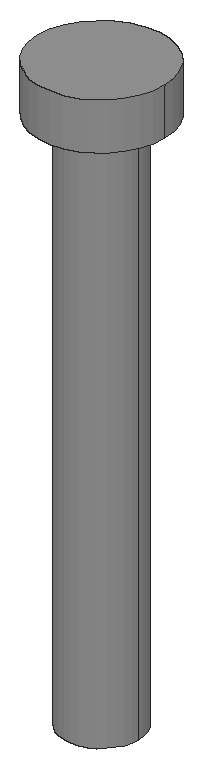
Revit family "Connection-Welded Shear Stud-Composite Floor Decking", category Structural Connections, host Face, Revit 2017
Family settings
  Host = Face
  Material for Model Behavior = Steel
  Enable cutting in views = Yes
  Cut with Voids When Loaded = No
  Shared = No
Parameters (values of type "150mm")
  Uniclass2015Version = "2015"  # constant formula
  Uniclass2015Title = "Composite steel and concrete floor, roof or balcony deck systems"  # constant formula
  Uniclass2015Code = "Ss_30_12_85_16"  # constant formula
  URL = "http://www.comflor.nz"
  Type Comments = "G450 Steel"  # constant formula
  Trademark = "ComFlor® is a registered trade mark used in Australia and New Zealand under licence from Tata Steel UK Limited."  # constant formula
  Stud Radius = 9.5 mm
  Stud Material = Metal
  Stud Length = 150 mm
  SpecificationReference = "3151C"  # constant formula
  SpecificationDescription = "ComFlor composite floor system"  # constant formula
  Model = "Welded Shear Stud"  # constant formula
  Material Standard = "AS/NZS 1554.2:2003"  # constant formula
  ManufacturerURL = "http://www.steelandtube.co.nz"
  ManufacturerName = Manufacturer  # "Supplied by Steel & Tube"
  Manufacturer = "Supplied by Steel & Tube"  # constant formula
  Head Radius = 16 mm
  Head = 12 mm
  Disclaimer [instance] = "Steel & Tube makes no representations or warranties about the information in this document, including (but not limited to) whether the information, and any materials referred to, are fit for purpose. The user is responsible for ensuring that the information, and any materials referred to, are fit for the purpose for which they are intended to be used. Except as required by law, Steel & Tube is not liable for any cost, loss, claim or expense incurred by any person as a result of any person using or relying on the information in this document."  # constant formula
  Description = "Stud shear connector for use with ComFlor® range"  # constant formula
  Default Elevation = 1219.2 mm
  ComFlor Technical Resources = "http://www.comflor.nz/technical-resources"
  ComFlor Design Software = "http://www.comflor.nz/technical-resources/comflor-software"
  CBIDescription = "Composite construction of in situ concrete and permanent formwork"  # constant formula
  CBICode = "3151"  # constant formula
Reference planes
  plane 1 "Center (Front/Back)": y = 0
  plane 2: z = 0
  plane 3 "Center (Left/Right)": x = 0
  plane 4 "Head": z = 150
  plane 5 "Shank": z = 138
Forms (mm)
  Extrusion 1, solid, material "Metal" <- "Stud Material"
    sketch origin (0, 0, 0) x (1, 0, 0) y (0, 1, 0)
      loop
        circle (0, 0) r 9.5
    from 0 to 138
  Extrusion 2, solid, material "Metal" <- "Stud Material"
    sketch origin (0, 0, 138) x (-1, 0, 0) y (0, -1, 0)
      loop
        circle (0, 0) r 16
    from 0 to 12
Dimensions and locks
  "Stud Length": plane 4 "Head" to level
  "Head": plane 4 "Head" to plane 5 "Shank"
  "Stud Radius": radius of Extrusion 1 sketch curve
  "Head Radius": radius of Extrusion 2 sketch curve
  aligned and locked: plane 2 to host face
  aligned and locked: level to host face
  aligned and locked: plane 1 "Center (Front/Back)" to Extrusion 1 sketch curve
  aligned and locked: plane 3 "Center (Left/Right)" to Extrusion 1 sketch curve
  aligned and locked: plane 1 "Center (Front/Back)" to Extrusion 2 sketch curve
  aligned and locked: plane 3 "Center (Left/Right)" to Extrusion 2 sketch curve
  aligned and locked: plane 4 "Head" to Extrusion 2
  aligned and locked: plane 5 "Shank" to Extrusion 1
Automatic sketch dimensions
  host sketch curve to host sketch curve = 2438.4 mm  (x2)
Types in the file's own list only (10): name | Stud Radius | Stud Length | Default Elevation
  50mm | 10 mm | 50 mm | 1219 mm
  75mm | 10 mm | 75 mm | 1219 mm
  100mm | 10 mm | 100 mm | 1219 mm
  125mm | 10 mm | 125 mm | 1219 mm
  175mm | 10 mm | 175 mm | 1219 mm
  200mm | 10 mm | 200 mm | 1219 mm
  225mm | 10 mm | 225 mm | 1219 mm
  250mm | 10 mm | 250 mm | 1219 mm
  275mm | 10 mm | 275 mm | 1219 mm
  300mm | 10 mm | 300 mm | 1219 mm
